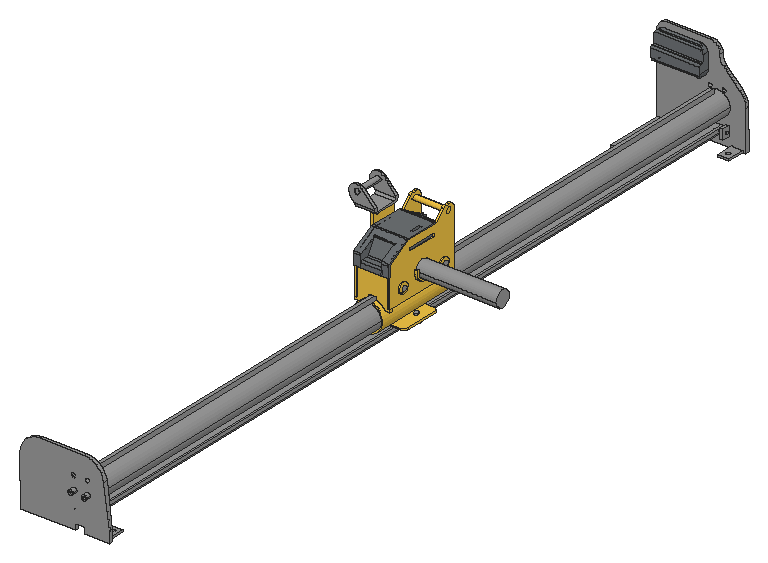
Revit family "ASSA_ABLOY_DockEquipment_DE6190MR", category Specialty Equipment, Revit 2020 (continued)
Definition of nested family "ASSA_ABLOY_DockEquipment_DE6190MR_Restaint"
  Dimensions and locks
    Sweep 1 sketch curve to plane 15 "CR" to Sweep 1 sketch curve = 224.575 mm locked, 225.427 mm locked
    plane 16 to plane 12 = 156.362 mm
    Sweep 3 sketch curve to plane 15 "CR" to Sweep 3 sketch curve = 64.982 mm, 65.037 mm
    Sweep 4 sketch curve to plane 15 "CR" to Sweep 4 sketch curve = 64.982 mm, 64.982 mm
    Extrusion 5 sketch curve to Extrusion 5 sketch curve to plane 15 "CR" to Extrusion 5 sketch curve to Extrusion 5 sketch curve = 8 mm, 62.201 mm, 63.127 mm, 8 mm
    equal spacing: plane 2, Extrusion 5 sketch curve, Extrusion 5 sketch curve, Extrusion 5 sketch curve
    plane 2 to Extrusion 5 sketch curve to Extrusion 5 sketch curve to Extrusion 5 sketch curve = 538.745 mm, 8 mm, 98.464 mm
    "TopArmPosition": plane 11 "CentreRestraint" to plane 17
    plane 18 to plane 17 = 140 mm
    equal spacing: Extrusion 6 sketch curve, plane 18, Extrusion 6 sketch curve, Extrusion 6 sketch curve, plane 17, Extrusion 6 sketch curve
    Extrusion 6 sketch curve to Extrusion 6 sketch curve to plane 2 = 140 mm, 511.539 mm
    locked: plane 19 to plane 15 "CR" at 75
    locked: plane 15 "CR" to plane 20 at 75
    Sweep 7 sketch curve to plane 15 "CR" to Sweep 7 sketch curve = 70.201 mm, 71.127 mm
    plane 2 to Sweep 7 sketch curve = 612.937 mm
    plane 10 "RestraintFront" to plane 15 "CR" = 888.835 mm
    Sweep 8 sketch curve to Sweep 8 sketch curve to plane 2 = 6 mm, 99.414 mm
    Sweep 8 sketch curve to plane 15 "CR" to Sweep 8 sketch curve = 99.005 mm, 121.288 mm
    Sweep 8 sketch curve to plane 11 "CentreRestraint" to Sweep 8 sketch curve = 99.827 mm, 99.827 mm
    Sweep 9 sketch curve to Sweep 9 sketch curve to plane 2 = 8 mm, 105.414 mm
    Sweep 10 sketch curve to Sweep 10 sketch curve = 9.976 mm
    Sweep 11 sketch curve to Sweep 11 sketch curve to plane 2 = 13.465 mm, 77.262 mm
    Sweep 12 sketch curve to Sweep 12 sketch curve to plane 2 = 8.687 mm, 90.727 mm
    Sweep 13 sketch curve to Sweep 13 sketch curve to plane 2 = 2.5 mm, 74.762 mm
    Sweep 14 sketch curve to Sweep 14 sketch curve to plane 11 "CentreRestraint" = 12.009 mm, 77.692 mm
    plane 2 to Sweep 14 sketch curve to Sweep 14 sketch curve = 230.49 mm, 264 mm
    Sweep 14 sketch curve to plane 15 "CR" to Sweep 14 sketch curve = 199.926 mm, 200.074 mm
    Sweep 15 sketch curve to Sweep 15 sketch curve to plane 11 "CentreRestraint" = 12 mm, 77.808 mm
    Sweep 15 sketch curve to plane 15 "CR" to Sweep 15 sketch curve = 199.926 mm, 200.074 mm
    Sweep 15 sketch curve to Sweep 15 sketch curve to Sweep 15 sketch curve to plane 2 = 51 mm, 264 mm, 230.49 mm
    Sweep 16 sketch curve to Sweep 16 sketch curve to plane 15 "CR" = 12 mm, 187.642 mm
    plane 2 to Sweep 16 sketch curve = 214.807 mm
    Sweep 16 sketch curve to Sweep 16 sketch curve to plane 11 "CentreRestraint" to Sweep 16 sketch curve to Sweep 16 sketch curve = 12 mm, 77.092 mm, 77.808 mm, 12.1 mm
    Sweep 16 sketch curve to Sweep 16 sketch curve to Sweep 16 sketch curve to Sweep 16 sketch curve to Sweep 16 sketch curve to Sweep 16 sketch curve to plane 2 = 0 mm, 3 mm, 125.709 mm, 49.291 mm, 0.004 mm, 214.811 mm
    Sweep 17 sketch curve to Sweep 17 sketch curve to plane 11 "CentreRestraint" = 19.5 mm, 89.808 mm
    Sweep 17 sketch curve to plane 2 = 335 mm
    Sweep 18 sketch curve to Sweep 18 sketch curve to plane 15 "CR" = 12.35 mm, 187.724 mm
    Sweep 18 sketch curve to plane 2 = 214.815 mm
    Sweep 18 sketch curve to Sweep 18 sketch curve to plane 11 "CentreRestraint" to Sweep 18 sketch curve to Sweep 18 sketch curve = 12 mm, 77.092 mm, 77.808 mm, 12.1 mm
    Sweep 18 sketch curve to Sweep 18 sketch curve to Sweep 18 sketch curve to Sweep 18 sketch curve to Sweep 18 sketch curve to Sweep 18 sketch curve to plane 2 = 0 mm, 3 mm, 125.709 mm, 49.291 mm, 0.004 mm, 214.811 mm
    Sweep 19 sketch curve to Sweep 19 sketch curve to plane 11 "CentreRestraint" = 11.813 mm, 89.702 mm
    Sweep 20 sketch curve to Sweep 20 sketch curve to plane 11 "CentreRestraint" = 4 mm, 101.525 mm
    Sweep 21 sketch curve to Sweep 21 sketch curve to plane 11 "CentreRestraint" = 6.946 mm, 105.525 mm
    Sweep 22 sketch curve to plane 11 "CentreRestraint" to Sweep 22 sketch curve = 101.525 mm, 105.758 mm
    Sweep 23 sketch curve to Sweep 23 sketch curve to plane 11 "CentreRestraint" = 11.732 mm, 89.808 mm
    Sweep 24 sketch curve to plane 11 "CentreRestraint" to Sweep 24 sketch curve = 89.808 mm, 89.702 mm
    Sweep 25 sketch curve to Sweep 25 sketch curve = 155 mm
    Sweep 25 sketch curve to plane 11 "CentreRestraint" to Sweep 25 sketch curve = 77.808 mm, 77.192 mm
    Sweep 27 sketch curve to plane 11 "CentreRestraint" to Sweep 27 sketch curve = 51.384 mm, 53.616 mm
    Sweep 28 sketch curve to plane 11 "CentreRestraint" to Sweep 28 sketch curve = 51.384 mm, 53.616 mm
    plane 11 "CentreRestraint" to plane 22 = 77.808 mm
    locked: plane 15 "CR" to plane 23 "WRReference" at 40
    "BlockingArmPosition": plane 11 "CentreRestraint" to Sweep 2 sketch curve
    Sweep 2 sketch curve to Sweep 2 sketch curve = 586.536 mm
    Sweep 4 sketch curve to Sweep 4 sketch curve = 15 mm
    "BlockingArmHolderPosition": plane 11 "CentreRestraint" to Sweep 4 sketch curve
    Sweep 3 sketch curve to Sweep 3 sketch curve = 40.007 mm
    "BlockingArmHolderPosition": Sweep 3 sketch curve to plane 11 "CentreRestraint"
    Extrusion 26 sketch curve to plane 15 "CR" to Extrusion 26 sketch curve = 23.98 mm, 26.015 mm
    plane 11 "CentreRestraint" to Extrusion 26 sketch curve to Extrusion 26 sketch curve = 54.959 mm, 14.997 mm
    plane 25 to plane 2 = 478.869 mm
    plane 26 to plane 25 = 2 mm
    radius of Sweep 2 sketch curve = 40 mm
    aligned and locked: level to plane 2
    aligned and locked: Sweep 1 sketch curve to plane 12
    aligned and locked: plane 15 "CR" to Sweep 2 sketch curve
    aligned and locked: Sweep 3 sketch curve to plane 12
    aligned and locked: Sweep 4 sketch curve to plane 12
    aligned and locked: Extrusion 5 to plane 17
    aligned and locked: plane 18 to Extrusion 5
    aligned and locked: Extrusion 6 to plane 20
    aligned and locked: Extrusion 6 to plane 19
    aligned and locked: Sweep 8 sketch curve to plane 15 "CR"
    aligned and locked: plane 15 "CR" to Sweep 9 sketch curve
    aligned and locked: plane 15 "CR" to Sweep 10 sketch curve
    aligned and locked: plane 15 "CR" to Sweep 11 sketch curve
    aligned and locked: plane 15 "CR" to Sweep 12 sketch curve
    aligned and locked: plane 15 "CR" to Sweep 13 sketch curve
    aligned and locked: plane 15 "CR" to Sweep 19 sketch curve
    aligned and locked: Sweep 20 sketch curve to plane 15 "CR"
    aligned and locked: Sweep 21 sketch curve to plane 15 "CR"
    aligned and locked: Sweep 22 sketch curve to plane 15 "CR"
    aligned and locked: Extrusion 31 sketch curve to Sweep 14  (x2)
    aligned and locked: Sweep 7 sketch curve to cut or joined group of Extrusion 5, Extrusion 6  (x2)
    aligned and locked: Extrusion 29 to Sweep 16
    aligned and locked: Sweep 14 to Extrusion 30
    aligned and locked: Extrusion 32 sketch curve to cut or joined group of Sweep 24, Extrusion 26, Sweep 27, Extrusion 29, Extrusion 30  (x4)
    aligned and locked: Extrusion 32 to plane 25
    aligned and locked: plane 26 to Extrusion 32
    aligned and locked: Extrusion 33 sketch curve to cut or joined group of Sweep 24, Extrusion 26, Sweep 27, Extrusion 29, Extrusion 30  (x4)
    aligned and locked: Extrusion 33 to plane 25
    aligned and locked: plane 26 to Extrusion 33
  Automatic sketch dimensions
    Sweep 1 sketch curve to Sweep 1 sketch curve = 0 mm  (x2)
    Sweep 1 sketch curve to plane 11 "CentreRestraint" = 0 mm
    Sweep 1 sketch curve to profile plane = 0 mm
    plane 11 "CentreRestraint" to Sweep 1 sketch curve = 20.206 mm
    profile plane to Sweep 1 sketch curve = 61.779 mm
    Sweep 1 sketch curve to plane 11 "CentreRestraint" = 19.986 mm
    Sweep 1 sketch curve to Sweep 1 sketch curve = 7.885 mm
    Sweep 2 sketch curve to profile plane = 0 mm
    Sweep 2 sketch curve to plane 16 = 0 mm
    Extrusion 5 sketch curve to Extrusion 5 sketch curve = 0 mm  (x4)
    Extrusion 5 sketch curve to Extrusion 5 sketch curve = 10 mm  (x2)
    Extrusion 5 sketch curve to Extrusion 5 sketch curve = 88.464 mm
    plane 18 to Extrusion 6 sketch curve = 143.359 mm
    Extrusion 6 sketch curve to plane 18 = 18.605 mm
    Extrusion 6 sketch curve to Extrusion 6 sketch curve = 20.983 mm  (x2)
    Extrusion 6 sketch curve to plane 18 = 44.588 mm
    Extrusion 6 sketch curve to Extrusion 6 sketch curve = 27.764 mm
    Extrusion 6 sketch curve to Extrusion 6 sketch curve = 0.97 mm
    Extrusion 6 sketch curve to Extrusion 6 sketch curve = 1.276 mm
    Extrusion 6 sketch curve to Extrusion 6 sketch curve = 10 mm
    Extrusion 6 sketch curve to Extrusion 6 sketch curve = 20.746 mm
    Extrusion 6 sketch curve to plane 17 = 12.008 mm
    Extrusion 6 sketch curve to Extrusion 6 sketch curve = 45.28 mm
    Extrusion 6 sketch curve to Extrusion 6 sketch curve = 45 mm
    Extrusion 6 sketch curve to Extrusion 6 sketch curve = 27.007 mm
    Extrusion 6 sketch curve to Extrusion 6 sketch curve = 0.794 mm
    Extrusion 6 sketch curve to Extrusion 6 sketch curve = 7.615 mm
    Extrusion 6 sketch curve to Extrusion 6 sketch curve = 11.716 mm
    Extrusion 6 sketch curve to Extrusion 6 sketch curve = 26.716 mm
    Sweep 8 sketch curve to Sweep 8 sketch curve = 21.716 mm  (x4)
    Sweep 8 sketch curve to Sweep 8 sketch curve = 22 mm  (x4)
    Sweep 9 sketch curve to plane 11 "CentreRestraint" = 62.981 mm  (x2)
    Sweep 9 sketch curve to Sweep 9 sketch curve = 2.54 mm  (x4)
    Sweep 9 sketch curve to Sweep 9 sketch curve = 6.94 mm  (x8)
    Sweep 9 sketch curve to Sweep 9 sketch curve = 9.481 mm  (x8)
    Sweep 9 sketch curve to profile plane = 12.676 mm
    plane 11 "CentreRestraint" to Sweep 9 sketch curve = 43.984 mm
    Sweep 9 sketch curve to profile plane = 3.122 mm
    Sweep 9 sketch curve to Sweep 9 sketch curve = 2.245 mm  (x2)
    Sweep 9 sketch curve to profile plane = 19.398 mm
    Sweep 9 sketch curve to Sweep 9 sketch curve = 7.152 mm
    Sweep 9 sketch curve to profile plane = 0.288 mm
    Sweep 9 sketch curve to Sweep 9 sketch curve = 9.397 mm  (x2)
    Sweep 9 sketch curve to profile plane = 16.565 mm
    Sweep 9 sketch curve to profile plane = 7.01 mm
    profile plane to Sweep 9 sketch curve = 91.688 mm
    Sweep 9 sketch curve to profile plane = 69.497 mm
    level to Sweep 10 sketch curve = 64.786 mm
    Sweep 10 sketch curve to plane 11 "CentreRestraint" = 62.981 mm  (x2)
    Sweep 10 sketch curve to Sweep 10 sketch curve = 2.54 mm  (x4)
    Sweep 10 sketch curve to Sweep 10 sketch curve = 6.94 mm  (x8)
    Sweep 10 sketch curve to Sweep 10 sketch curve = 9.481 mm  (x8)
    Sweep 10 sketch curve to profile plane = 12.676 mm
    plane 11 "CentreRestraint" to Sweep 10 sketch curve = 43.984 mm
    Sweep 10 sketch curve to profile plane = 3.122 mm
    Sweep 10 sketch curve to Sweep 10 sketch curve = 2.245 mm  (x2)
    Sweep 10 sketch curve to profile plane = 19.398 mm
    Sweep 10 sketch curve to Sweep 10 sketch curve = 7.152 mm
    Sweep 10 sketch curve to profile plane = 0.288 mm
    Sweep 10 sketch curve to Sweep 10 sketch curve = 9.397 mm  (x2)
    Sweep 10 sketch curve to profile plane = 16.565 mm
    Sweep 10 sketch curve to profile plane = 7.01 mm
    profile plane to Sweep 10 sketch curve = 91.688 mm
    Sweep 10 sketch curve to profile plane = 69.497 mm
    Sweep 11 sketch curve to plane 11 "CentreRestraint" = 53.994 mm
    Sweep 11 sketch curve to plane 11 "CentreRestraint" = 53.562 mm
    Sweep 11 sketch curve to profile plane = 10.28 mm
    plane 11 "CentreRestraint" to Sweep 11 sketch curve = 53.564 mm
    profile plane to Sweep 11 sketch curve = 100.714 mm
    Sweep 11 sketch curve to profile plane = 79.286 mm
    Sweep 12 sketch curve to plane 11 "CentreRestraint" = 53.965 mm
    Sweep 12 sketch curve to plane 11 "CentreRestraint" = 53.572 mm
    Sweep 12 sketch curve to profile plane = 10.426 mm
    plane 11 "CentreRestraint" to Sweep 12 sketch curve = 53.932 mm
    profile plane to Sweep 12 sketch curve = 100.88 mm
    Sweep 12 sketch curve to profile plane = 78.963 mm
    Sweep 13 sketch curve to plane 11 "CentreRestraint" = 53.874 mm
    Sweep 13 sketch curve to plane 11 "CentreRestraint" = 53.439 mm
    Sweep 13 sketch curve to profile plane = 10.064 mm
    plane 11 "CentreRestraint" to Sweep 13 sketch curve = 53.705 mm
    profile plane to Sweep 13 sketch curve = 101.217 mm
    Sweep 13 sketch curve to profile plane = 79.055 mm
    plane 12 to Sweep 14 sketch curve = 354.352 mm
    Sweep 14 sketch curve to Sweep 14 sketch curve = 0 mm  (x2)
    Sweep 14 sketch curve to Sweep 14 sketch curve = 159.489 mm
    profile plane to Sweep 14 sketch curve = 109.737 mm
    Sweep 14 sketch curve to Sweep 14 sketch curve = 8.66 mm
    profile plane to Sweep 14 sketch curve = 12.551 mm
    profile plane to Sweep 14 sketch curve = 12.5 mm
    Sweep 14 sketch curve to Sweep 14 sketch curve = 0.051 mm
    Sweep 14 sketch curve to profile plane = 5.177 mm
    Sweep 14 sketch curve to profile plane = 12.5 mm
    Sweep 14 sketch curve to Sweep 14 sketch curve = 9.971 mm
    Sweep 14 sketch curve to Sweep 14 sketch curve = 18.792 mm
    Sweep 14 sketch curve to Sweep 14 sketch curve = 43.678 mm
    Sweep 14 sketch curve to Sweep 14 sketch curve = 94.779 mm
    Sweep 14 sketch curve to Sweep 14 sketch curve = 113.386 mm
    Sweep 14 sketch curve to Sweep 14 sketch curve = 10 mm
    Sweep 14 sketch curve to Sweep 14 sketch curve = 40 mm
    plane 12 to Sweep 15 sketch curve = 366.851 mm
    Sweep 15 sketch curve to Sweep 15 sketch curve = 0 mm  (x4)
    Sweep 15 sketch curve to Sweep 15 sketch curve = 159.489 mm
    profile plane to Sweep 15 sketch curve = 122.237 mm
    Sweep 15 sketch curve to Sweep 15 sketch curve = 8.66 mm
    Sweep 15 sketch curve to Sweep 15 sketch curve = 57 mm
    Sweep 15 sketch curve to Sweep 15 sketch curve = 22 mm
    profile plane to Sweep 15 sketch curve = 25.051 mm
    profile plane to Sweep 15 sketch curve = 25 mm
    Sweep 15 sketch curve to Sweep 15 sketch curve = 0.051 mm
    profile plane to Sweep 15 sketch curve = 7.322 mm
    Sweep 15 sketch curve to Sweep 15 sketch curve = 9.971 mm
    Sweep 15 sketch curve to Sweep 15 sketch curve = 8.822 mm
    Sweep 15 sketch curve to Sweep 15 sketch curve = 43.678 mm
    Sweep 15 sketch curve to Sweep 15 sketch curve = 14.852 mm
    Sweep 15 sketch curve to Sweep 15 sketch curve = 79.926 mm
    Sweep 15 sketch curve to Sweep 15 sketch curve = 120 mm
    Sweep 15 sketch curve to Sweep 15 sketch curve = 6.614 mm
    Sweep 15 sketch curve to Sweep 15 sketch curve = 10 mm
    Sweep 15 sketch curve to Sweep 15 sketch curve = 12.5 mm
    Sweep 15 sketch curve to Sweep 15 sketch curve = 40 mm
    Sweep 16 sketch curve to Sweep 16 sketch curve = 15.698 mm
    Sweep 16 sketch curve to Sweep 16 sketch curve = 15.801 mm
    Sweep 16 sketch curve to Sweep 16 sketch curve = 15.675 mm
    profile plane to Sweep 16 sketch curve = 15.683 mm
    plane 11 "CentreRestraint" to Sweep 16 sketch curve = 0.07 mm
    Sweep 16 sketch curve to profile plane = 36.144 mm
    Sweep 16 sketch curve to plane 11 "CentreRestraint" = 0.027 mm
    Sweep 16 sketch curve to Sweep 16 sketch curve = 0.033 mm
    Sweep 16 sketch curve to Sweep 16 sketch curve = 14.209 mm
    Sweep 16 sketch curve to plane 11 "CentreRestraint" = 15.692 mm
    plane 11 "CentreRestraint" to Sweep 16 sketch curve = 15.308 mm
    plane 11 "CentreRestraint" to Sweep 16 sketch curve = 20.3 mm
    Sweep 17 sketch curve to Sweep 17 sketch curve = 0 mm  (x2)
    Sweep 17 sketch curve to plane 15 "CR" = 0 mm
    profile plane to Sweep 17 sketch curve = 0 mm
    plane 11 "CentreRestraint" to Sweep 18 sketch curve = 0.07 mm
    profile plane to Sweep 18 sketch curve = 36.152 mm
    Sweep 18 sketch curve to plane 11 "CentreRestraint" = 0.027 mm
    Sweep 18 sketch curve to Sweep 18 sketch curve = 0.033 mm
    Sweep 18 sketch curve to Sweep 18 sketch curve = 15.675 mm
    Sweep 18 sketch curve to profile plane = 15.675 mm
    Sweep 18 sketch curve to Sweep 18 sketch curve = 15.801 mm
    Sweep 18 sketch curve to Sweep 18 sketch curve = 15.698 mm
    Sweep 18 sketch curve to Sweep 18 sketch curve = 14.209 mm
    Sweep 18 sketch curve to plane 11 "CentreRestraint" = 15.692 mm
    plane 11 "CentreRestraint" to Sweep 18 sketch curve = 15.308 mm
    plane 11 "CentreRestraint" to Sweep 18 sketch curve = 20.3 mm
    profile plane to Sweep 19 sketch curve = 129.93 mm
    Sweep 19 sketch curve to profile plane = 130.07 mm
    level to Sweep 19 sketch curve = 300.679 mm
    Sweep 19 sketch curve to Sweep 19 sketch curve = 0 mm
    Sweep 20 sketch curve to Sweep 20 sketch curve = 0 mm  (x5)
    profile plane to Sweep 20 sketch curve = 130.318 mm
    Sweep 20 sketch curve to profile plane = 130.318 mm
    level to Sweep 20 sketch curve = 300.668 mm
    profile plane to Sweep 21 sketch curve = 137.269 mm
    Sweep 21 sketch curve to Sweep 21 sketch curve = 1.943 mm  (x8)
    Sweep 21 sketch curve to Sweep 21 sketch curve = 5.307 mm  (x4)
    Sweep 21 sketch curve to Sweep 21 sketch curve = 7.25 mm  (x8)
    Sweep 21 sketch curve to profile plane = 122.751 mm
    level to Sweep 21 sketch curve = 311.965 mm
    Sweep 21 sketch curve to Sweep 21 sketch curve = 0 mm
    Sweep 22 sketch curve to Sweep 22 sketch curve = 0 mm  (x5)
    profile plane to Sweep 22 sketch curve = 130.318 mm
    Sweep 22 sketch curve to profile plane = 130.318 mm
    level to Sweep 22 sketch curve = 300.668 mm
    Sweep 22 sketch curve to Sweep 22 sketch curve = 12.188 mm  (x2)
    plane 12 to Sweep 23 sketch curve = 146.852 mm
    Sweep 23 sketch curve to Sweep 23 sketch curve = 0 mm  (x8)
    profile plane to Sweep 23 sketch curve = 24.822 mm  (x2)
    Sweep 23 sketch curve to Sweep 23 sketch curve = 0.011 mm  (x2)
    Sweep 23 sketch curve to plane 15 "CR" = 130.318 mm
    Sweep 23 sketch curve to Sweep 23 sketch curve = 0.248 mm
    plane 15 "CR" to Sweep 23 sketch curve = 129.93 mm
    Sweep 23 sketch curve to Sweep 23 sketch curve = 0.389 mm
    Sweep 23 sketch curve to Sweep 23 sketch curve = 12.188 mm
    Sweep 23 sketch curve to Sweep 23 sketch curve = 12.564 mm
    Sweep 23 sketch curve to Sweep 23 sketch curve = 25 mm
    Sweep 23 sketch curve to Sweep 23 sketch curve = 11.8 mm
    plane 12 to Sweep 24 sketch curve = 354.3 mm
    Sweep 24 sketch curve to profile plane = 33.449 mm
    Sweep 24 sketch curve to Sweep 24 sketch curve = 1.325 mm
    Sweep 24 sketch curve to Sweep 24 sketch curve = 10 mm
    Sweep 24 sketch curve to profile plane = 99.132 mm
    Sweep 24 sketch curve to Sweep 24 sketch curve = 6.73 mm
    Sweep 24 sketch curve to Sweep 24 sketch curve = 6.94 mm
    Sweep 24 sketch curve to Sweep 24 sketch curve = 52.586 mm
    Sweep 24 sketch curve to plane 15 "CR" = 208.522 mm
    Sweep 24 sketch curve to Sweep 24 sketch curve = 1.377 mm
    Sweep 24 sketch curve to Sweep 24 sketch curve = 4.017 mm
    Sweep 24 sketch curve to plane 15 "CR" = 90.913 mm
    plane 15 "CR" to Sweep 24 sketch curve = 83.935 mm
    plane 12 to Sweep 25 sketch curve = 354.3 mm
    Sweep 25 sketch curve to profile plane = 33.449 mm
    Sweep 25 sketch curve to Sweep 25 sketch curve = 1.325 mm
    Sweep 25 sketch curve to Sweep 25 sketch curve = 8.675 mm
    Sweep 25 sketch curve to profile plane = 99.132 mm
    Sweep 25 sketch curve to Sweep 25 sketch curve = 6.73 mm
    Sweep 25 sketch curve to Sweep 25 sketch curve = 0.209 mm
    Sweep 25 sketch curve to Sweep 25 sketch curve = 114.999 mm
    plane 15 "CR" to Sweep 25 sketch curve = 83.906 mm
    plane 15 "CR" to Sweep 25 sketch curve = 83.935 mm
    Sweep 25 sketch curve to Sweep 25 sketch curve = 113.181 mm
    Sweep 25 sketch curve to Sweep 25 sketch curve = 3.98 mm
    Sweep 25 sketch curve to Sweep 25 sketch curve = 1.377 mm
    plane 12 to Sweep 27 sketch curve = 302.467 mm
    profile plane to Sweep 27 sketch curve = 13.088 mm  (x2)
    profile plane to Sweep 27 sketch curve = 0.198 mm  (x2)
    Sweep 27 sketch curve to profile plane = 4.026 mm  (x2)
    Sweep 27 sketch curve to profile plane = 8.695 mm  (x2)
    Sweep 27 sketch curve to profile plane = 66.615 mm  (x2)
    Sweep 27 sketch curve to Sweep 27 sketch curve = 4.648 mm  (x2)
    Sweep 27 sketch curve to Sweep 27 sketch curve = 10 mm  (x2)
    Sweep 27 sketch curve to Sweep 27 sketch curve = 8.003 mm  (x2)
    Sweep 27 sketch curve to plane 15 "CR" = 214.618 mm
    Sweep 27 sketch curve to Sweep 27 sketch curve = 6.672 mm
    Sweep 27 sketch curve to Sweep 27 sketch curve = 31.253 mm  (x2)
    Sweep 27 sketch curve to Sweep 27 sketch curve = 35.3 mm  (x2)
    Sweep 27 sketch curve to Sweep 27 sketch curve = 4.224 mm
    plane 15 "CR" to Sweep 27 sketch curve = 113.611 mm
    Sweep 27 sketch curve to Sweep 27 sketch curve = 4.669 mm
    Sweep 27 sketch curve to Sweep 27 sketch curve = 14.675 mm
    plane 12 to Sweep 28 sketch curve = 302.293 mm
    Sweep 28 sketch curve to Sweep 28 sketch curve = 0 mm  (x4)
    profile plane to Sweep 28 sketch curve = 0.372 mm  (x2)
    Sweep 28 sketch curve to profile plane = 3.852 mm  (x2)
    Sweep 28 sketch curve to profile plane = 4.061 mm  (x2)
    Sweep 28 sketch curve to Sweep 28 sketch curve = 2.115 mm  (x2)
    Sweep 28 sketch curve to Sweep 28 sketch curve = 4.45 mm  (x2)
    Sweep 28 sketch curve to Sweep 28 sketch curve = 0.01 mm  (x2)
    Sweep 28 sketch curve to profile plane = 66.441 mm  (x2)
    Sweep 28 sketch curve to Sweep 28 sketch curve = 4.648 mm  (x2)
    Sweep 28 sketch curve to Sweep 28 sketch curve = 2.324 mm  (x2)
    Sweep 28 sketch curve to Sweep 28 sketch curve = 10 mm  (x2)
    Sweep 28 sketch curve to Sweep 28 sketch curve = 5 mm  (x2)
    Sweep 28 sketch curve to Sweep 28 sketch curve = 2.584 mm  (x2)
    Sweep 28 sketch curve to Sweep 28 sketch curve = 2.942 mm  (x2)
    Sweep 28 sketch curve to Sweep 28 sketch curve = 0.061 mm  (x2)
    Sweep 28 sketch curve to Sweep 28 sketch curve = 0.102 mm  (x2)
    Sweep 28 sketch curve to Sweep 28 sketch curve = 22.057 mm
    Sweep 28 sketch curve to Sweep 28 sketch curve = 22.415 mm
    Sweep 28 sketch curve to plane 15 "CR" = 208.522 mm
    Sweep 28 sketch curve to Sweep 28 sketch curve = 0.587 mm
    Sweep 28 sketch curve to Sweep 28 sketch curve = 5.002 mm  (x2)
    Sweep 28 sketch curve to Sweep 28 sketch curve = 3 mm
    Sweep 28 sketch curve to Sweep 28 sketch curve = 31.152 mm  (x2)
    Sweep 28 sketch curve to Sweep 28 sketch curve = 35.3 mm  (x2)
    Sweep 28 sketch curve to Sweep 28 sketch curve = 4.224 mm
    Sweep 28 sketch curve to Sweep 28 sketch curve = 4.427 mm
    Sweep 28 sketch curve to Sweep 28 sketch curve = 2.118 mm
    plane 15 "CR" to Sweep 28 sketch curve = 113.611 mm
    Sweep 28 sketch curve to Sweep 28 sketch curve = 0.02 mm
    Sweep 28 sketch curve to Sweep 28 sketch curve = 2.329 mm
    Sweep 28 sketch curve to Sweep 28 sketch curve = 2.32 mm
    Sweep 28 sketch curve to Sweep 28 sketch curve = 0.101 mm
    Sweep 28 sketch curve to Sweep 28 sketch curve = 0.578 mm
    plane 20 to Extrusion 29 sketch curve = 129.232 mm
    Extrusion 29 sketch curve to Extrusion 29 sketch curve = 2.083 mm
    Extrusion 29 sketch curve to Extrusion 29 sketch curve = 1.509 mm
    Extrusion 29 sketch curve to Extrusion 29 sketch curve = 3.003 mm
    plane 20 to Extrusion 29 sketch curve = 12.27 mm
    Extrusion 29 sketch curve to plane 19 = 10.238 mm
    Extrusion 29 sketch curve to plane 19 = 122.116 mm
    Extrusion 29 sketch curve to Extrusion 29 sketch curve = 1.493 mm
    Extrusion 29 sketch curve to Extrusion 29 sketch curve = 1.506 mm
    Extrusion 29 sketch curve to Extrusion 29 sketch curve = 2.086 mm
    plane 12 to Extrusion 29 sketch curve = 168.653 mm
    Extrusion 29 sketch curve to Extrusion 29 sketch curve = 79.565 mm
    Extrusion 29 sketch curve to Extrusion 29 sketch curve = 0.009 mm
    Extrusion 29 sketch curve to Extrusion 29 sketch curve = 79.576 mm
    Extrusion 29 sketch curve to Extrusion 29 sketch curve = 0.079 mm
    Extrusion 29 sketch curve to Extrusion 29 sketch curve = 65.02 mm
    plane 20 to Extrusion 30 sketch curve = 129.232 mm
    Extrusion 30 sketch curve to Extrusion 30 sketch curve = 2.083 mm
    Extrusion 30 sketch curve to Extrusion 30 sketch curve = 1.509 mm
    Extrusion 30 sketch curve to Extrusion 30 sketch curve = 3.003 mm
    plane 20 to Extrusion 30 sketch curve = 12.27 mm
    Extrusion 30 sketch curve to plane 19 = 10.238 mm
    Extrusion 30 sketch curve to plane 19 = 122.116 mm
    Extrusion 30 sketch curve to Extrusion 30 sketch curve = 1.493 mm
    Extrusion 30 sketch curve to Extrusion 30 sketch curve = 1.506 mm
    Extrusion 30 sketch curve to Extrusion 30 sketch curve = 2.086 mm
    plane 12 to Extrusion 30 sketch curve = 315.851 mm
    Extrusion 30 sketch curve to Extrusion 30 sketch curve = 65.02 mm  (x2)
    Extrusion 30 sketch curve to Extrusion 30 sketch curve = 2.524 mm
    Extrusion 30 sketch curve to Extrusion 30 sketch curve = 2.605 mm
    Extrusion 30 sketch curve to Extrusion 30 sketch curve = 79.654 mm
    profile plane to Sweep 3 sketch curve = 57.205 mm
    Sweep 3 sketch curve to Sweep 3 sketch curve = 3.515 mm
    Sweep 3 sketch curve to Sweep 3 sketch curve = 8.49 mm
    profile plane to Sweep 3 sketch curve = 30.574 mm
    Sweep 3 sketch curve to Sweep 3 sketch curve = 8.34 mm
    Sweep 3 sketch curve to profile plane = 10.796 mm
    Sweep 3 sketch curve to Sweep 3 sketch curve = 12 mm
    Sweep 3 sketch curve to Sweep 3 sketch curve = 3.37 mm
    Sweep 3 sketch curve to Sweep 3 sketch curve = 13.521 mm
    Sweep 3 sketch curve to Sweep 3 sketch curve = 5.241 mm
    profile plane to Sweep 4 sketch curve = 360.106 mm
    Sweep 4 sketch curve to profile plane = 24.15 mm
    radius of Extrusion 6 sketch curve = 12.469 mm
    radius of Sweep 11 sketch curve = 23.118 mm
    radius of Sweep 11 sketch curve = 22.96 mm
    radius of Sweep 11 sketch curve = 22.78 mm
    radius of Sweep 12 sketch curve = 15.901 mm
    radius of Sweep 12 sketch curve = 16.442 mm
    radius of Sweep 12 sketch curve = 16.278 mm
    radius of Sweep 13 sketch curve = 20 mm  (x3)
    radius of Sweep 14 sketch curve = 12.5 mm
    radius of Sweep 17 sketch curve = 52.468 mm
    radius of Sweep 17 sketch curve = 45 mm
    radius of Sweep 19 sketch curve = 25 mm  (x2)
    radius of Sweep 20 sketch curve = 12.188 mm  (x2)
    radius of Sweep 20 sketch curve = 37.402 mm  (x2)
